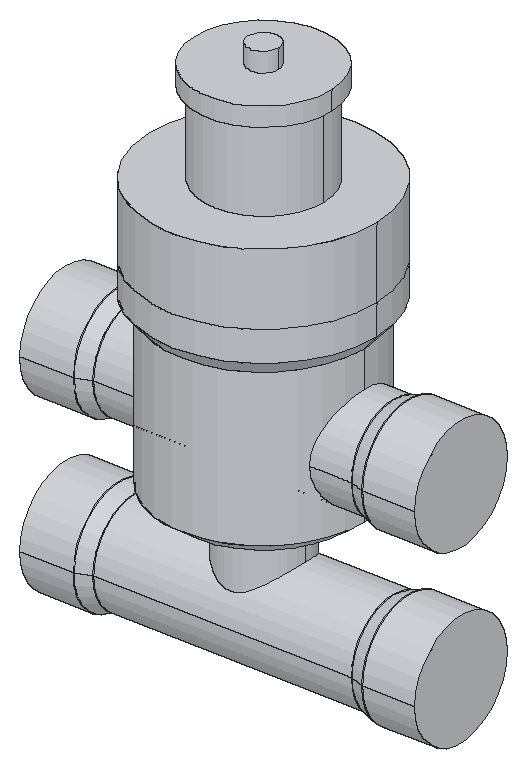
Revit family "VTX09P_DN15_PN16_RFA_2019", category Pipe Accessories, Revit 2019
Family settings
  Round Connector Dimension = Use Diameter
  Part Type = Valve - Breaks Into
  Work Plane-Based = No
  Always vertical = Yes
  Cut with Voids When Loaded = No
  Shared = No
Parameters (values of type "VTX09P G1/2  PN16 kvs0,25")
  magiProductId = ""
  magiProductFamilyId = ""
  magiPartTypeId = 306
  isMeasuringValve [instance] = no
  ang2D [instance] = 0.00°
  Z8 = 4 mm
  Z7__ve = -Z7  # -2.5 mm
  Z7 = 2.5 mm
  Z5 = 9.45 mm
  Z3 = 2 mm
  Z2 = 8.05 mm
  X4__ve = -X4  # -7 mm
  X4 = 7 mm
  X3 = 34 mm
  W2D = 15 mm
  VersionID = ""
  Use Minimum Symbol Size [instance] = yes
  URL = "www.hydronix.cz"
  Type Comments = "Závitový, vnější závit, ploché těsnění; LIN charakteristika; PN16; +5~+95°C; max.rychlost proudění 3,0 m/s"
  R9 = 9 mm
  R8 = 2 mm
  R7 = 15 mm
  R6 = 10.64 mm
  R5 = 6.703 mm
  R4 = 5.586 mm
  R2 = 13.3 mm
  R10 = 8 mm
  R1 = 6.75 mm
  QmdConnectorList = "301;D;302;D"
  Productdata [instance] = ""
  Manufacturer = "Hydronix"
  MC2 = yes
  MC Product Code = "VTX09P (G1/2\"; dpmax=250kPa; kvs 0,25)"
  MC = no
  LT2 = 19 mm
  L2D_Min = 3048 mm
  L2D = 38 mm
  H1 = 20.5 mm
  H = 27 mm
  E = 16 mm
  Description = "3 cestný regulační ventil malých spotřebičů s obtokem, DN15; zdvih 2,5mm; max dp 250kPa; kvs0,25"
  DT2 = 7.5 mm
  D = 15 mm
  CAT0 = yes
  C = 23 mm
Types (8, lengths in mm): name | Z5 | Z2 | X3 | R6 | R5 | R4 | R2 | R1 | MC Product Code | LT2 | H1 | H | Description | DT2 | D | C
  VTX09P G1/2  PN16 kvs0,25 | 9.45 | 8.05 | 34 | 10.64 | 6.703 | 5.586 | 13.3 | 6.75 | "VTX09P (G1/2\"; dpmax=250kPa; kvs 0,25)" | 19 | 20.5 | 27 | "3 cestný regulační ventil malých spotřebičů s obtokem, DN15; zdvih 2,5mm; max dp 250kPa; kvs0,25" | 7.5 | 15 | 23
  VTX10P G1/2  PN16 kvs0,4 | 9.45 | 8.05 | 34 | 10.64 | 6.703 | 5.586 | 13.3 | 6.75 | "VTX10P (G1/2\"; dpmax=250kPa; kvs 0,4)" | 19 | 20.5 | 27 | "3 cestný regulační ventil malých spotřebičů s obtokem, DN15; zdvih 2,5mm; max dp 250kPa; kvs0,4" | 7.5 | 15 | 23
  VTX12P G1/2  PN16 kvs1,0 | 9.45 | 8.05 | 34 | 10.64 | 6.703 | 5.586 | 13.3 | 6.75 | "VTX12P (G1/2\"; dpmax=250kPa; kvs 1,0)" | 19 | 20.5 | 27 | "3 cestný regulační ventil malých spotřebičů s obtokem, DN15; zdvih 2,5mm; max dp 250kPa; kvs1,0" | 7.5 | 15 | 23
  VTX13P G1/2  PN16 kvs1,6 | 9.45 | 8.05 | 34 | 10.64 | 6.703 | 5.586 | 13.3 | 6.75 | "VTX13P (G1/2\"; dpmax=250kPa; kvs 1,6)" | 19 | 20.5 | 27 | "3 cestný regulační ventil malých spotřebičů s obtokem, DN15; zdvih 2,5mm; max dp 250kPa; kvs1,6" | 7.5 | 15 | 23
  VTX21P G3/4  PN16 kvs2,5 | 9.1 | 17.5 | 38 | 11.76 | 7.409 | 6.174 | 14.7 | 9 | "VTX21P (G3/4\"; dpmax=150kPa; kvs 2,5)" | 21 | 37.4 | 26 | "3 cestný regulační ventil malých spotřebičů s obtokem, DN20; zdvih 2,5mm; max dp 150kPa; kvs2,5" | 10 | 20 | 50
  VTX24P G3/4  PN16 kvs4,0 | 9.1 | 17.5 | 38 | 11.76 | 7.409 | 6.174 | 14.7 | 9 | "VTX24P (G3/4\"; dpmax A-AB=100kPa;  dpmax B-AB=40kPa;  kvs 4,0)" | 21 | 37.4 | 26 | "3 cestný regulační ventil malých spotřebičů s obtokem, DN20; zdvih 2,5mm; max dp A-AB 100kPa; max dp B-AB 40kPa; kvs4,0" | 10 | 20 | 50
  VTX26P G3/4  PN16 kvs6,0 | 9.1 | 17.5 | 38 | 11.76 | 7.409 | 6.174 | 14.7 | 9 | "VTX26P (G3/4\"; dpmax A-AB=100kPa;  dpmax B-AB=40kPa; kvs 6,0)" | 21 | 37.4 | 26 | "3 cestný regulační ventil malých spotřebičů s obtokem, DN20; zdvih 2,5mm; max dp A-AB 100kPa; max dp B-AB 40kPa; kvs6,0" | 10 | 20 | 50
  VTX11P G1/2  PN16 kvs0,6 | 9.45 | 8.05 | 34 | 10.64 | 6.703 | 5.586 | 13.3 | 6.75 | "VTX11P (G1/2\"; dpmax=250kPa; kvs 0,6)" | 19 | 20.5 | 27 | "3 cestný regulační ventil malých spotřebičů s obtokem, DN15; zdvih 2,5mm; max dp 250kPa; kvs0,6" | 7.5 | 15 | 23
Reference planes
  plane 1 "Center (Front/Back)": y = 0
  plane 2 "XYPLANE": z = 0
  plane 3 "Center (Left/Right)": x = 0
  plane 4 "271": z = 38
  plane 5 "254": z = 11.55
  plane 6 "253": z = 17.55
  plane 7 "148": z = 40.5
  plane 8 "132": z = 43
  plane 9 "62": z = 13.55
  plane 10 "53": z = 27
  plane 11 "52": z = -8.95
  plane 12 "48": z = -10.95
  plane 13 "47": z = -12.95
  plane 14 "38": z = -21
  plane 15 "37": x = 17
  plane 16 "36": x = 19
  plane 17 "23": z = -23
  plane 18 "19": x = -17
  plane 19 "15": x = -19
  plane 20 "6": x = 26
  plane 21 "5": x = -26
  plane 22 "3": z = 0
  plane 23 "2": y = 0
  plane 24 "1": x = 0
Forms (mm)
  Extrusion 1, solid
    sketch origin (-17, -750, 0) x (0, 1, 0) y (0, 0, 1)
      loop
        circle (750, -23) r 6.75
    from 0 to 34 <- "X3"
  Blend 2, solid
    base sketch origin (19, -750, 0) x (0, 1, 0) y (0, 0, 1)
      loop
        circle (750, -23) r 7.5
    top sketch origin (19, -750, 0) x (0, 1, 0) y (0, 0, 1)
      loop
        circle (750, -23) r 6.75
    from 0 to -2
  Extrusion 3, solid
    sketch origin (26, -750, 0) x (0, 1, 0) y (0, 0, 1)
      loop
        circle (750, -23) r 7.5
    from 0 to -7 <- "X4__ve"
  Extrusion 4, solid
    sketch origin (-26, -750, 0) x (0, 1, 0) y (0, 0, 1)
      loop
        circle (750, -23) r 7.5
    from 0 to 7 <- "X4"
  Blend 5, solid
    base sketch origin (-19, -750, 0) x (0, 1, 0) y (0, 0, 1)
      loop
        circle (750, -23) r 7.5
    top sketch origin (-19, -750, 0) x (0, 1, 0) y (0, 0, 1)
      loop
        circle (750, -23) r 6.75
    from 0 to 2
  Extrusion 6, solid, visible <- "CAT0"
    sketch origin (-750, 0, 43) x (1, 0, 0) y (0, 1, 0)
      loop
        circle (750, 0) r 2
    from 0 to -2.5 <- "Z7__ve"
  Extrusion 7, solid, visible <- "CAT0"
    sketch origin (-750, 0, 38) x (1, 0, 0) y (0, 1, 0)
      loop
        circle (750, 0) r 8
    from 0 to -19
  Extrusion 8, solid, visible <- "CAT0"
    sketch origin (-17, -750, 0) x (0, 1, 0) y (0, 0, 1)
      loop
        circle (750, 0) r 6.75
    from 0 to 34 <- "X3"
  Extrusion 9, solid
    sketch origin (-750, 0, 13.55) x (1, 0, 0) y (0, 1, 0)
      loop
        circle (750, 0) r 15
    from 0 to 4 <- "Z8"
  Extrusion 10, solid
    sketch origin (-750, 0, 40.5) x (1, 0, 0) y (0, 1, 0)
      loop
        circle (750, 0) r 9
    from 0 to -2.5 <- "Z7__ve"
  Extrusion 11, solid
    sketch origin (-750, 0, 17.55) x (1, 0, 0) y (0, 1, 0)
      loop
        circle (750, 0) r 15
    from 0 to 9.45 <- "Z5"
  Blend 12, solid
    base sketch origin (-750, 0, 11.55) x (1, 0, 0) y (0, 1, 0)
      loop
        circle (750, 0) r 13.3
    top sketch origin (-750, 0, 11.55) x (1, 0, 0) y (0, 1, 0)
      loop
        circle (750, 0) r 15
    from 0 to 2
  Blend 13, solid
    base sketch origin (-750, 0, -8.95) x (1, 0, 0) y (0, 1, 0)
      loop
        circle (750, 0) r 13.3
    top sketch origin (-750, 0, -8.95) x (1, 0, 0) y (0, 1, 0)
      loop
        circle (750, 0) r 10.64
    from 0 to -2
  Blend 14, solid
    base sketch origin (-750, 0, -10.95) x (1, 0, 0) y (0, 1, 0)
      loop
        circle (750, 0) r 6.703
    top sketch origin (-750, 0, -10.95) x (1, 0, 0) y (0, 1, 0)
      loop
        circle (750, 0) r 5.586
    from 0 to -2
  Extrusion 15, solid
    sketch origin (-750, 0, -21) x (1, 0, 0) y (0, 1, 0)
      loop
        circle (750, 0) r 5.586
    from 0 to 8.05 <- "Z2"
  Extrusion 16, solid
    sketch origin (26, -750, 0) x (0, 1, 0) y (0, 0, 1)
      loop
        circle (750, 0) r 7.5
    from 0 to -7 <- "X4__ve"
  Blend 17, solid
    base sketch origin (19, -750, 0) x (0, 1, 0) y (0, 0, 1)
      loop
        circle (750, 0) r 7.5
    top sketch origin (19, -750, 0) x (0, 1, 0) y (0, 0, 1)
      loop
        circle (750, 0) r 6.75
    from 0 to -2
  Extrusion 18, solid
    sketch origin (-750, 0, -8.95) x (1, 0, 0) y (0, 1, 0)
      loop
        circle (750, 0) r 13.3
    from 0 to 20.5 <- "H1"
  Blend 19, solid
    base sketch origin (-19, -750, 0) x (0, 1, 0) y (0, 0, 1)
      loop
        circle (750, 0) r 7.5
    top sketch origin (-19, -750, 0) x (0, 1, 0) y (0, 0, 1)
      loop
        circle (750, 0) r 6.75
    from 0 to 2
  Extrusion 20, solid
    sketch origin (-26, -750, 0) x (0, 1, 0) y (0, 0, 1)
      loop
        circle (750, 0) r 7.5
    from 0 to 7 <- "X4"
  Extrusion 21, solid, not visible
    sketch origin (19, -750, 0) x (0, 1, 0) y (0, 0, 1)
      loop
        circle (750, 0) r 10
    from 0 to -10
  Extrusion 22, solid, not visible
    sketch origin (-19, -750, 0) x (0, 1, 0) y (0, 0, 1)
      loop
        circle (750, 0) r 10
    from 0 to 10
Lines and regions (mm)
  reference lines, not visible
    curve 1: circle (2, 2, 0) r 1 normal (0, 0, 1)
Dimensions and locks
  plane 1 "Center (Front/Back)" to curve 1 = 2 mm
  "Z7": plane 7 "148" to plane 4 "271"
  "Z3": plane 9 "62" to plane 5 "254"
  "Z5": plane 10 "53" to plane 6 "253"
  "Z7": plane 8 "132" to plane 7 "148"
  "E": plane 10 "53" to plane 8 "132"
  "Z8": plane 6 "253" to plane 9 "62"
  "H": plane 2 "XYPLANE" to plane 10 "53"
  "Z3": plane 12 "48" to plane 11 "52"
  "Z3": plane 13 "47" to plane 12 "48"
  "Z2": plane 14 "38" to plane 13 "47"
  "Z3": plane 17 "23" to plane 14 "38"
  locked: plane 16 "36" to plane 15 "37" at 2
  "LT2": plane 3 "Center (Left/Right)" to plane 16 "36"
  "C": plane 2 "XYPLANE" to plane 17 "23"
  locked: plane 19 "15" to plane 18 "19" at 2
  "LT2": plane 3 "Center (Left/Right)" to plane 19 "15"
  "X4": plane 16 "36" to plane 20 "6"
  "X4": plane 19 "15" to plane 21 "5"
  locked: plane 2 "XYPLANE" to plane 22 "3"
  locked: plane 1 "Center (Front/Back)" to plane 23 "2"
  locked: plane 3 "Center (Left/Right)" to plane 24 "1"
  "R1": radius of Extrusion 1 sketch curve
  "R1": radius of Blend 2 sketch curve
  "DT2": radius of Blend 2 sketch curve
  "DT2": radius of Extrusion 3 sketch curve
  "DT2": radius of Extrusion 4 sketch curve
  "R1": radius of Blend 5 sketch curve
  "DT2": radius of Blend 5 sketch curve
  "R8": radius of Extrusion 6 sketch curve
  "R10": radius of Extrusion 7 sketch curve
  "R1": radius of Extrusion 8 sketch curve
  "R7": radius of Extrusion 9 sketch curve
  "R9": radius of Extrusion 10 sketch curve
  "R7": radius of Extrusion 11 sketch curve
  "R7": radius of Blend 12 sketch curve
  "R2": radius of Blend 12 sketch curve
  "R6": radius of Blend 13 sketch curve
  "R2": radius of Blend 13 sketch curve
  "R4": radius of Blend 14 sketch curve
  "R5": radius of Blend 14 sketch curve
  "R4": radius of Extrusion 15 sketch curve
  "DT2": radius of Extrusion 16 sketch curve
  "R1": radius of Blend 17 sketch curve
  "DT2": radius of Blend 17 sketch curve
  "R2": radius of Extrusion 18 sketch curve
  "R1": radius of Blend 19 sketch curve
  "DT2": radius of Blend 19 sketch curve
  "DT2": radius of Extrusion 20 sketch curve
  aligned and locked: level to plane 2 "XYPLANE"
  aligned and locked: plane 17 "23" to Extrusion 1 sketch curve
  aligned and locked: Extrusion 1 sketch curve to plane 23 "2"
  aligned and locked: plane 17 "23" to Blend 2 sketch curve  (x2)
  aligned and locked: Blend 2 sketch curve to plane 23 "2"  (x2)
  aligned and locked: Blend 2 to plane 15 "37"
  aligned and locked: plane 17 "23" to Extrusion 3 sketch curve
  aligned and locked: Extrusion 3 sketch curve to plane 23 "2"
  aligned and locked: plane 17 "23" to Extrusion 4 sketch curve
  aligned and locked: Extrusion 4 sketch curve to plane 23 "2"
  aligned and locked: plane 17 "23" to Blend 5 sketch curve  (x2)
  aligned and locked: Blend 5 sketch curve to plane 23 "2"  (x2)
  aligned and locked: plane 18 "19" to Blend 5
  aligned and locked: plane 23 "2" to Extrusion 6 sketch curve
  aligned and locked: plane 24 "1" to Extrusion 6 sketch curve
  aligned and locked: plane 23 "2" to Extrusion 7 sketch curve
  aligned and locked: plane 24 "1" to Extrusion 7 sketch curve
  aligned and locked: plane 22 "3" to Extrusion 8 sketch curve
  aligned and locked: Extrusion 8 sketch curve to plane 23 "2"
  aligned and locked: plane 23 "2" to Extrusion 9 sketch curve
  aligned and locked: plane 24 "1" to Extrusion 9 sketch curve
  aligned and locked: plane 23 "2" to Extrusion 10 sketch curve
  aligned and locked: plane 24 "1" to Extrusion 10 sketch curve
  aligned and locked: plane 23 "2" to Extrusion 11 sketch curve
  aligned and locked: plane 24 "1" to Extrusion 11 sketch curve
  aligned and locked: plane 23 "2" to Blend 12 sketch curve  (x2)
  aligned and locked: plane 24 "1" to Blend 12 sketch curve  (x2)
  aligned and locked: plane 9 "62" to Blend 12
  aligned and locked: plane 23 "2" to Blend 13 sketch curve  (x2)
  aligned and locked: plane 24 "1" to Blend 13 sketch curve  (x2)
  aligned and locked: Blend 13 to plane 12 "48"
  aligned and locked: plane 23 "2" to Blend 14 sketch curve  (x2)
  aligned and locked: plane 24 "1" to Blend 14 sketch curve  (x2)
  aligned and locked: Blend 14 to plane 13 "47"
  aligned and locked: plane 23 "2" to Extrusion 15 sketch curve
  aligned and locked: plane 24 "1" to Extrusion 15 sketch curve
  aligned and locked: plane 22 "3" to Extrusion 16 sketch curve
  aligned and locked: Extrusion 16 sketch curve to plane 23 "2"
  aligned and locked: plane 22 "3" to Blend 17 sketch curve  (x2)
  aligned and locked: Blend 17 sketch curve to plane 23 "2"  (x2)
  aligned and locked: Blend 17 to plane 15 "37"
  aligned and locked: plane 23 "2" to Extrusion 18 sketch curve
  aligned and locked: plane 24 "1" to Extrusion 18 sketch curve
  aligned and locked: plane 22 "3" to Blend 19 sketch curve  (x2)
  aligned and locked: Blend 19 sketch curve to plane 23 "2"  (x2)
  aligned and locked: plane 18 "19" to Blend 19
  aligned and locked: plane 22 "3" to Extrusion 20 sketch curve
  aligned and locked: Extrusion 20 sketch curve to plane 23 "2"
  aligned and locked: plane 22 "3" to Extrusion 21 sketch curve
  aligned and locked: Extrusion 21 sketch curve to plane 23 "2"
  aligned and locked: plane 22 "3" to Extrusion 22 sketch curve
  aligned and locked: Extrusion 22 sketch curve to plane 23 "2"
Automatic sketch dimensions
  plane 1 "Center (Front/Back)" to Extrusion 21 sketch curve = 10 mm
  plane 1 "Center (Front/Back)" to Extrusion 22 sketch curve = 10 mm
  plane 3 "Center (Left/Right)" to curve 1 = 2 mm
  radius of curve 1 = 1 mm
Connectors
  piping at (-19, 0, 0), diameter 15, driven by "D"
    settings: on Extrusion 22, index 1, connector inside diameter 609.6 mm, connector length 0 mm, flow factor 0, pipe flow 0.0 L/s, pressure drop 0.0 Pa, fitting loss kfactor 0, connector angle 0.00°, fixture units 0, engagement length 0 mm, angle of deflection 0.00°, flow configuration 0, flow direction 0, fitting loss method 0, system type 29, joint type 0, gender type 0, connector reference index 2, connector utility 0, adjustable connector no, is connector primary yes, connector description ""
  piping at (19, 0, 0), diameter 15, driven by "D"
    settings: on Extrusion 21, index 2, connector inside diameter 609.6 mm, connector length 0 mm, flow factor 0, pipe flow 0.0 L/s, pressure drop 0.0 Pa, fitting loss kfactor 0, connector angle 0.00°, fixture units 0, engagement length 0 mm, angle of deflection 0.00°, flow configuration 0, flow direction 0, fitting loss method 0, system type 29, joint type 0, gender type 0, connector reference index 1, connector utility 0, adjustable connector no, is connector primary no, connector description ""
